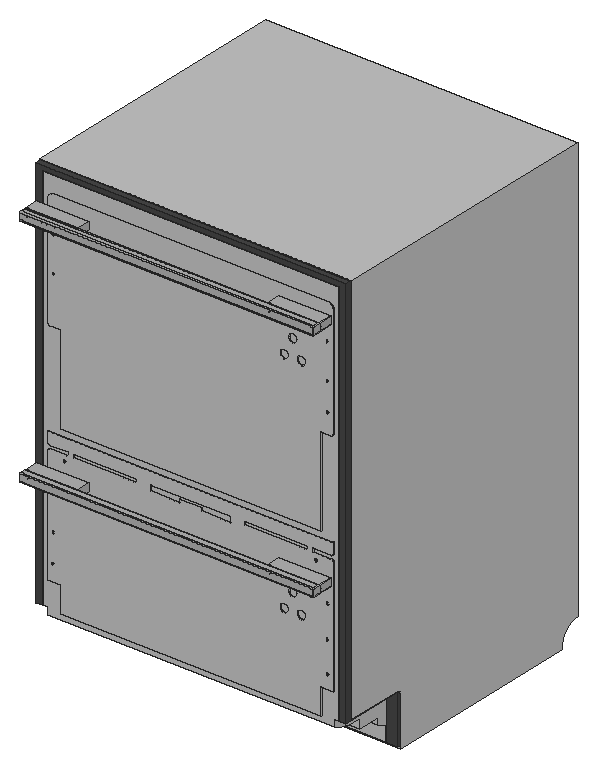
Revit family "FP-Revit20-en-DD60DTX6HI1_CN-DishDrawer-0-90003896A-CN", category Specialty Equipment, Revit 2020
Family settings
  Round Connector Dimension = Use Diameter
  Part Type = Normal
  OmniClass Number = 23.40.40.14.31
  OmniClass Title = Cleaning and Disposal Equipment
  Work Plane-Based = No
  Always vertical = Yes
  Cut with Voids When Loaded = Yes
  Shared = No
  Room Calculation Point = No
Parameters (values of type "DD60DTX6HI1_CN")
  Visibility - Toe Kick = no
  Visibility - Door Panel = no
  Visibility - Clearance Required = yes
  URL = "www.fisherpaykel.com"
  Toe Kick - Recess (40mm - 100mm) [instance] = 100 mm
  Product - Width = 599 mm  # constant formula
  Product - Height (865mm - 925mm) [instance] = 865 mm
  Product - Depth = 571 mm  # constant formula
  Panel - Depth [instance] = 18 mm
  Model = "DD60DTX6HI1_CN"
  Material - Trim = Fisher & Paykel - Black
  Material - Toe Kick = Fisher & Paykel - Stainless Steel
  Material - Front = Fisher & Paykel - Stainless Steel
  Material - Body = Fisher & Paykel - Grey
  Manufacturer = "Fisher & Paykel Appliances"
  Description = "60cm DishDrawer, Integrated"
  Default Elevation = 0 mm
  Connector Description - Water = "3/4” BSP (GB20) to suit flat washer"
  Connector Description - Sanitary = "Drain Hose, No Fitting Required"
  Connector Description - Electrical = "220-240 V, 50 Hz, min 8.5 A, fused electrical supply"
  Chassis - Height = 855 mm  # constant formula
  Chassis - Depth = 553 mm  # constant formula
  Cavity - Width = 600 mm  # constant formula
  Cavity - Depth (excluding front panel) = 560 mm  # constant formula
Reference planes
  plane 1 "Datum": y = 0
  plane 2: z = 0
  plane 3 "Center (Left/Right)": x = 0
  plane 4: z = 0
  plane 5 "Product LHS": x = -299.5
  plane 6 "Product RHS": x = 299.5
  plane 7 "Product - Depth": y = 553
  plane 8 "Cavity LHS": x = -300
  plane 9 "Cavity RHS": x = 300
  plane 10 "Cavity - Depth": y = 560
  plane 11 "Leg Height": z = 10
  plane 12 "Product - Height": z = 865
  plane 13 "Cavity - Height": z = 867
  plane 14 "Door Panel - Depth": y = -18
Forms (mm)
  Extrusion 1, solid, material "Fisher & Paykel - Grey" <- "Material - Body"
    sketch origin (0, 0, 0) x (0, 1, 0) y (0, 0, 1)
      loop
        line (12, 865) -> (12, 111.5) -> (118.15, 111.5)
        arc (118.15, 111.5) -> (125.221, 108.571) -> (128.15, 101.5) r 10
        line (128.15, 101.5) -> (128.15, 10) -> (510.35, 10) -> (510.35, 54.298) -> (553, 54.298) -> (553, 865) -> (12, 865)
    from -299.5 to 299.5
  Extrusion 2, solid, material "Fisher & Paykel - Grey" <- "Material - Body", detail levels fine
    sketch origin (0, 0, 0) x (1, 0, 0) y (0, 0, 1)
      loop
        line (-274, 811.4) -> (-274, 598.176)
        arc (-274, 598.176) -> (-272.536, 594.64) -> (-269, 593.176) r 5
        line (-269, 593.176) -> (-250, 593.176) -> (-250, 423) -> (250, 423) -> (250, 593.907) -> (269, 593.907)
        arc (269, 593.907) -> (272.536, 595.371) -> (274, 598.907) r 5
        line (274, 598.907) -> (274, 811.4)
        arc (274, 811.4) -> (271.071, 818.471) -> (264, 821.4) r 10
        line (264, 821.4) -> (-264, 821.4)
        arc (-264, 821.4) -> (-271.071, 818.471) -> (-274, 811.4) r 10
      loop
        line (-274, 411.676) -> (-274, 392.976)
        arc (-274, 392.976) -> (-272.536, 389.44) -> (-269, 387.976) r 5
        line (-269, 387.976) -> (-235, 387.976) -> (-235, 381.976) -> (-269, 381.976)
        arc (-269, 381.976) -> (-272.536, 380.512) -> (-274, 376.976) r 5
        line (-274, 376.976) -> (-274, 154.476) -> (-250, 154.476) -> (-250, 104.476) -> (250, 104.476) -> (250, 154.476) -> (274, 154.476) -> (274, 376.976)
        arc (274, 376.976) -> (272.536, 380.512) -> (269, 381.976) r 5
        line (269, 381.976) -> (235, 381.976) -> (235, 387.976) -> (269, 387.976)
        arc (269, 387.976) -> (272.536, 389.44) -> (274, 392.976) r 5
        line (274, 392.976) -> (274, 411.676) -> (-274, 411.676)
      loop
        circle (241, 369.875) r 2.5
      loop
        circle (196.5, 298.976) r 8
      loop
        circle (213, 265.976) r 8
      loop
        circle (180, 265.976) r 8
      loop
        circle (262.5, 240.976) r 2.017
      loop
        circle (263.5, 181.576) r 2.612
      loop
        circle (263.5, 303.976) r 2.718
      loop
        circle (262.5, 336.476) r 2
      loop
        circle (-241, 369.875) r 2.5
      loop
        circle (-262.5, 240.976) r 2.017
      loop
        circle (-263.5, 186.576) r 2.612
      loop
        circle (-263.5, 308.976) r 2.718
      loop
        circle (-262.5, 336.476) r 2
      loop
        circle (262.5, 780.676) r 1.941
      loop
        circle (263.5, 753.176) r 2.488
      loop
        circle (262.5, 685.907) r 2
      loop
        circle (263.5, 631.507) r 2.685
      loop
        circle (-262.5, 780.676) r 1.941
      loop
        circle (-263.5, 753.176) r 2.488
      loop
        circle (-262.5, 685.176) r 2
      loop
        line (103, 387.976) -> (103, 381.976) -> (225, 381.976) -> (225, 387.976) -> (103, 387.976)
      loop
        line (-77, 387.976) -> (-77, 376.976) -> (-21, 376.976) -> (-21, 381.976) -> (21, 381.976) -> (21, 376.976) -> (77, 376.976) -> (77, 387.976) -> (-77, 387.976)
      loop
        line (-103, 387.976) -> (-225, 387.976) -> (-225, 381.976) -> (-103, 381.976) -> (-103, 387.976)
      loop
        circle (196.5, 735.907) r 8
      loop
        circle (213, 702.907) r 8
      loop
        circle (180, 702.907) r 8
    from 0 to 0.8
  Extrusion 3, solid, material "Fisher & Paykel - Black" <- "Material - Trim"
    sketch origin (0, 0, 0) x (1, 0, 0) y (0, 0, 1)
      loop
        line (-297.5, 863.541) -> (-297.5, 107.404) -> (-283.999, 107.404) -> (-283.999, 855) -> (284, 855) -> (284, 107.404) -> (297.5, 107.404) -> (297.5, 863.541) -> (-297.5, 863.541)
    from -12 to 0
  Extrusion 4, solid, material "Fisher & Paykel - Grey" <- "Material - Body"
    sketch origin (0, -1.875, 0) x (1, 0, 0) y (0, 1, 0)
      loop
        circle (-260.6, 478.3) r 4
      loop
        circle (-260.6, 170.1) r 4
      loop
        circle (260.6, 478.3) r 4
      loop
        circle (260.6, 170.1) r 4
    from 7 to 10
  Extrusion 5, solid, material "Fisher & Paykel - Grey" <- "Material - Body"
    sketch origin (0, -1.875, 0) x (1, 0, 0) y (0, 1, 0)
      loop
        circle (-260.6, 170.1) r 17.816
      loop
        circle (-260.6, 478.3) r 17.816
      loop
        circle (260.6, 170.1) r 17.816
      loop
        circle (260.6, 478.3) r 17.816
    from 0 to 7
  Sweep 6, solid, material "Fisher & Paykel - Grey" <- "Material - Body", detail levels medium+fine
    path origin (0, 537.938, 0) x (1, 0, 0) y (0, 0, 1)
      loop
        line (-134.5, 54.298) -> (-134.5, 19.132)
        arc (-134.5, 19.132) -> (-140.358, 4.989) -> (-154.5, -0.868) r 20
        line (-154.5, -0.868) -> (-349.5, -0.868)
    profile origin (-134.5, 537.938, 36.715) x (0, -1, 0) y (1, 0, 0)
      loop
        circle (0, 0) r 9
  Sweep 7, solid, material "Fisher & Paykel - Grey" <- "Material - Body", detail levels medium+fine
    path origin (0, 537.938, 0) x (1, 0, 0) y (0, 0, 1)
      loop
        line (-189.5, 54.298) -> (-189.5, 38.507)
        arc (-189.5, 38.507) -> (-195.358, 24.364) -> (-209.5, 18.507) r 20
        line (-209.5, 18.507) -> (-349.5, 18.507)
    profile origin (-189.5, 537.938, 46.402) x (0, -1, 0) y (1, 0, 0)
      loop
        circle (0, 0) r 9
  Sweep 8, solid, material "Fisher & Paykel - Grey" <- "Material - Body", detail levels medium+fine
    path origin (0, 0, 0) x (1, 0, 0) y (0, 0, 1)
      loop
        line (-349.186, 18.851) -> (-218.186, 18.851)
        arc (-218.186, 18.851) -> (-204.044, 24.709) -> (-198.186, 38.851) r 20
        line (-198.186, 38.851) -> (-198.186, 54.298)
    profile origin (-198.186, 0, 46.575) x (-1, 0, 0) y (0, -1, 0)
      loop
        circle (0, -524.105) r 5
  Extrusion 9, solid, material "Fisher & Paykel - Clearance Required", visible <- "Visibility - Clearance Required", detail levels coarse
    sketch origin (0, 0, 0) x (0, 1, 0) y (0, 0, 1)
      loop
        line (-18, 0) -> (-18, 414.976) -> (-545, 414.976) -> (-545, 345.976) -> (-586, 345.976) -> (-586, 329.973) -> (-545, 329.973) -> (-545, 0) -> (-18, 0)
      loop
        line (-18, 423) -> (-18, 865) -> (-545, 865) -> (-545, 796) -> (-586, 796) -> (-586, 779.997) -> (-545, 779.997) -> (-545, 423) -> (-18, 423)
    from -300 to 300
  Extrusion 10, solid, material "Fisher & Paykel - Clearance Required", visible <- "Visibility - Clearance Required", detail levels coarse
    sketch origin (0, 0, 0) x (1, 0, 0) y (0, 1, 0)
      loop
        line (300, 560) -> (-300, 560) -> (-300, -18) -> (300, -18) -> (300, 560)
    from 0 to 867
  Extrusion 11, void
    sketch origin (0, 0, 0) x (1, 0, 0) y (0, 1, 0)
      loop
        line (-300, -18) -> (300, -18) -> (300, 560) -> (-300, 560) -> (-300, -18)
    from 0 to 867
  Extrusion 12, solid, material "Fisher & Paykel - Grey" <- "Material - Body"
    sketch origin (0, 0, 0) x (1, 0, 0) y (0, 0, 1)
      loop
        line (-283.999, 855) -> (-283.999, 107.404) -> (284, 107.404) -> (284, 855) -> (-283.999, 855)
    from -12 to 0
  Extrusion 13, solid, material "Fisher & Paykel - Grey" <- "Material - Body"
    sketch origin (0, 0, 0) x (0, 1, 0) y (0, 0, 1)
      loop
        line (124.15, 15.492) -> (124.15, 107.404) -> (0, 107.404) -> (0, 94.265)
        arc (0, 94.265) -> (17.333, 86.771) -> (35.586, 81.932) r 126.919
        line (35.586, 81.932) -> (61.053, 81.932) -> (61.053, 64.582) -> (103.548, 64.582) -> (103.548, 53.084) -> (122.346, 42.363) -> (122.346, 15.492) -> (124.15, 15.492)
    from -275 to 275
  Extrusion 14, solid, material "Fisher & Paykel - Grey" <- "Material - Body", detail levels fine
    sketch origin (0, 0, 0) x (0, 1, 0) y (0, 0, 1)
      loop
        arc (545.956, 44.845) -> (549.529, 46.356) -> (550.933, 49.972) r 4.979
        line (550.933, 49.972) -> (550.933, 54.298) -> (510.35, 54.298) -> (510.35, 26.689) -> (530.184, 44.845) -> (545.956, 44.845)
    from -229.8 to -91.607
  Sweep 15, solid, material "Fisher & Paykel - Grey" <- "Material - Body", detail levels medium+fine
    path origin (0, 0, 0) x (1, 0, 0) y (0, 1, 0)
      loop
        line (-47.875, 510.35) -> (-47.875, 529.222)
        arc (-47.875, 529.222) -> (-52.269, 539.828) -> (-62.875, 544.222) r 15
        line (-62.875, 544.222) -> (-349.5, 544.222)
    profile origin (-47.875, 519.786, 0) x (-1, 0, 0) y (0, 0, 1)
      loop
        circle (0, 34.3) r 5
  Extrusion 16, solid, material "Fisher & Paykel - Black" <- "Material - Trim", detail levels fine
    sketch origin (0, 0, 0) x (0, 1, 0) y (0, 0, 1)
      loop
        line (128.15, 13.091) -> (128.15, 101.5)
        arc (128.15, 101.5) -> (125.221, 108.571) -> (118.15, 111.5) r 10
        line (118.15, 111.5) -> (12, 111.5) -> (12, 107.404) -> (124.15, 107.404) -> (124.15, 13.091) -> (128.15, 13.091)
    from -297.5 to 297.5
  Extrusion 17, solid, material "Fisher & Paykel - Grey" <- "Material - Body"
    sketch origin (0, 0, 0) x (0, 1, 0) y (0, 0, 1)
      loop
        line (510.35, 54.298) -> (510.35, 10) -> (514.35, 10)
        arc (514.35, 10) -> (525.48, 38.009) -> (553, 50.298) r 40
        line (553, 50.298) -> (553, 54.298) -> (510.35, 54.298)
    from 288.5 to 299.5
  Extrusion 18, solid, material "Fisher & Paykel - Grey" <- "Material - Body"
    sketch origin (0, 0, 0) x (0, 1, 0) y (0, 0, -1)
      loop
        line (510.35, -54.298) -> (553, -54.298) -> (553, -50.298)
        arc (553, -50.298) -> (525.48, -38.009) -> (514.35, -10) r 40
        line (514.35, -10) -> (510.35, -10) -> (510.35, -54.298)
    from 288.5 to 299.5
  Extrusion 19, solid, material "Fisher & Paykel - Stainless Steel" <- "Material - Front", visible <- "Visibility - Door Panel", detail levels fine
    sketch origin (0, 0, 0) x (1, 0, 0) y (0, 0, 1)
      loop
        line (-298, 855) -> (-298, 413) -> (298, 413) -> (298, 855) -> (-298, 855)
      loop
        line (-298, 404.976) -> (-298, 93.976) -> (298, 93.976) -> (298, 404.976) -> (-298, 404.976)
    from 0.8 to 18
  Extrusion 20, solid, material "Fisher & Paykel - Grey", visible <- "Visibility - Toe Kick"
    sketch origin (0, 0, 0) x (0, 1, 0) y (0, 0, 1)
      loop
        line (100, 12) -> (100, 81.932) -> (82, 81.932) -> (82, 12) -> (100, 12)
    from -297.5 to 297.5
Cuts and joins
  joined: Extrusion 1, Extrusion 17, Extrusion 18
  joined: Extrusion 12, Extrusion 13
Text (mm)
  text "Due to ongoing product development, product details are subject to change without notice. \nPlease always refer to www.fisherpaykel.com for the most current product information. \n© Fisher & Paykel 2020" at (41.04, -690.05, 0), in view "Ref. Level (Plan)"
Dimensions and locks
  equal spacing: plane 5 "Product LHS", plane 3 "Center (Left/Right)", plane 6 "Product RHS"
  "Product - Width": plane 5 "Product LHS" to plane 6 "Product RHS"
  "Chassis - Depth": plane 1 "Datum" to plane 7 "Product - Depth"
  equal spacing: plane 8 "Cavity LHS", plane 3 "Center (Left/Right)", plane 9 "Cavity RHS"
  "Cavity - Width": plane 8 "Cavity LHS" to plane 9 "Cavity RHS"
  Extrusion 1 sketch curve to Extrusion 1 sketch curve = 855 mm
  Extrusion 2 sketch curve to plane 11 "Leg Height" = 401.676 mm
  "Chassis - Height": plane 12 "Product - Height" to plane 11 "Leg Height"
  Extrusion 2 sketch curve to plane 11 "Leg Height" = 583.176 mm
  locked: plane 12 "Product - Height" to Extrusion 2 sketch curve at 43.6
  "Product - Height (865mm - 925mm)": plane 12 "Product - Height" to level
  plane 12 "Product - Height" to Extrusion 2 = 43.6 mm
  Extrusion 2 to plane 11 "Leg Height" = 401.676 mm
  Extrusion 2 to plane 11 "Leg Height" = 413 mm
  locked: plane 13 "Cavity - Height" to plane 12 "Product - Height" at 2
  "Panel - Depth": plane 14 "Door Panel - Depth" to plane 1 "Datum"
  plane 14 "Door Panel - Depth" to plane 7 "Product - Depth" = 571 mm
  locked: plane 11 "Leg Height" to Sweep 15 sketch curve at 24.3
  equal spacing: Extrusion 19 sketch curve, plane 3 "Center (Left/Right)", Extrusion 19 sketch curve
  locked: Extrusion 19 sketch curve to Extrusion 19 sketch curve at 442
  locked: Extrusion 19 sketch curve to Extrusion 19 sketch curve at 311
  locked: Extrusion 19 sketch curve to Extrusion 19 sketch curve at 8.024
  locked: Extrusion 19 sketch curve to Extrusion 19 sketch curve at 596
  plane 12 "Product - Height" to Extrusion 19 sketch curve = 10 mm
  locked: plane 11 "Leg Height" to cut or joined group of Extrusion 12, Extrusion 13 at 71.932
  locked: Extrusion 9 to Extrusion 20 sketch curve at 12
  "Panel - Depth": Extrusion 20 to Extrusion 20
  "Toe Kick - Recess (40mm - 100mm)": plane 14 "Door Panel - Depth" to Extrusion 20
  "Cavity - Depth (excluding front panel)": plane 1 "Datum" to plane 10 "Cavity - Depth"
  nested 2 to Extrusion 11 = 345.652 mm
  nested 2 to Extrusion 11 = 361 mm
  nested 1 to Extrusion 11 = 811 mm
  aligned and locked: level to plane 2
  aligned and locked: Extrusion 1 sketch curve to plane 11 "Leg Height"
  aligned and locked: Extrusion 4 to Extrusion 5
  aligned and locked: plane 12 "Product - Height" to Extrusion 1
  aligned and locked: Extrusion 9 to plane 9 "Cavity RHS"
  aligned and locked: plane 8 "Cavity LHS" to Extrusion 9
  aligned and locked: Extrusion 10 sketch curve to plane 8 "Cavity LHS"
  aligned and locked: Extrusion 10 sketch curve to plane 9 "Cavity RHS"
  aligned and locked: plane 10 "Cavity - Depth" to Extrusion 10 sketch curve
  aligned and locked: Extrusion 4 to Extrusion 1
  aligned and locked: plane 13 "Cavity - Height" to Extrusion 11
  aligned and locked: Extrusion 9 to level
  aligned and locked: Extrusion 14 to Extrusion 1
  aligned and locked: Extrusion 17 sketch curve to Extrusion 1
  aligned and locked: cut or joined group of Extrusion 1, Extrusion 17, Extrusion 18 to Sweep 6 sketch curve
  aligned and locked: cut or joined group of Extrusion 1, Extrusion 17, Extrusion 18 to Sweep 7 sketch curve
  aligned and locked: Sweep 7 to Sweep 8 sketch curve
  aligned and locked: Extrusion 19 sketch curve to Extrusion 19 sketch curve  (x2)
  aligned and locked: Extrusion 19 to Extrusion 9
  aligned and locked: Extrusion 11 to Extrusion 19
  aligned and locked: Extrusion 9 to Extrusion 2
  aligned and locked: Extrusion 10 to Extrusion 9
  aligned and locked: Extrusion 11 to Extrusion 9
  aligned and locked: plane 14 "Door Panel - Depth" to Extrusion 19
  aligned and locked: plane 12 "Product - Height" to Extrusion 9
  aligned and locked: Extrusion 10 to Extrusion 11
  aligned and locked: plane 14 "Door Panel - Depth" to nested 2
  aligned and locked: plane 14 "Door Panel - Depth" to nested 1
  aligned and locked: plane 3 "Center (Left/Right)" to nested 2
  aligned and locked: plane 3 "Center (Left/Right)" to nested 1
Automatic sketch dimensions
  Extrusion 1 sketch curve to plane 7 "Product - Depth" = 0 mm
  Extrusion 1 sketch curve to plane 7 "Product - Depth" = 42.65 mm
  Extrusion 1 sketch curve to plane 1 "Datum" = 128.15 mm
  Extrusion 1 sketch curve to Extrusion 1 sketch curve = 10 mm
  Extrusion 1 sketch curve to plane 1 "Datum" = 12 mm
  Extrusion 1 sketch curve to plane 11 "Leg Height" = 44.298 mm
  Extrusion 1 sketch curve to plane 11 "Leg Height" = 91.5 mm
  Extrusion 2 sketch curve to plane 5 "Product LHS" = 25.5 mm  (x3)
  Extrusion 2 sketch curve to Extrusion 2 sketch curve = 5 mm  (x7)
  Extrusion 2 sketch curve to Extrusion 2 sketch curve = 10 mm  (x3)
  Extrusion 2 sketch curve to plane 5 "Product LHS" = 36 mm  (x2)
  Extrusion 2 sketch curve to Extrusion 2 sketch curve = 10.5 mm
  Extrusion 2 sketch curve to Extrusion 2 sketch curve = 1 mm  (x4)
  Extrusion 2 sketch curve to plane 5 "Product LHS" = 37 mm  (x2)
  Extrusion 2 sketch curve to Extrusion 2 sketch curve = 24 mm  (x2)
  Extrusion 2 sketch curve to plane 5 "Product LHS" = 49.5 mm
  Extrusion 2 sketch curve to Extrusion 2 sketch curve = 28 mm
  Extrusion 2 sketch curve to Extrusion 2 sketch curve = 6 mm  (x7)
  Extrusion 2 sketch curve to plane 3 "Center (Left/Right)" = 103 mm
  Extrusion 2 sketch curve to Extrusion 2 sketch curve = 26 mm  (x2)
  Extrusion 2 sketch curve to plane 3 "Center (Left/Right)" = 21 mm
  plane 3 "Center (Left/Right)" to Extrusion 2 sketch curve = 21 mm
  Extrusion 2 sketch curve to Extrusion 2 sketch curve = 56 mm
  plane 6 "Product RHS" to Extrusion 2 sketch curve = 119.5 mm  (x2)
  Extrusion 2 sketch curve to Extrusion 2 sketch curve = 16.5 mm  (x2)
  Extrusion 2 sketch curve to Extrusion 2 sketch curve = 33 mm  (x4)
  plane 6 "Product RHS" to Extrusion 2 sketch curve = 74.5 mm
  plane 6 "Product RHS" to Extrusion 2 sketch curve = 49.5 mm  (x2)
  plane 6 "Product RHS" to Extrusion 2 sketch curve = 37 mm  (x4)
  Extrusion 2 sketch curve to Extrusion 2 sketch curve = 13.5 mm
  plane 6 "Product RHS" to Extrusion 2 sketch curve = 36 mm
  Extrusion 2 sketch curve to Extrusion 2 sketch curve = 1.5 mm
  plane 6 "Product RHS" to Extrusion 2 sketch curve = 30.5 mm
  Extrusion 2 sketch curve to Extrusion 2 sketch curve = 19 mm
  Extrusion 2 sketch curve to Extrusion 2 sketch curve = 0 mm  (x6)
  Extrusion 2 sketch curve to Extrusion 2 sketch curve = 18.7 mm  (x2)
  Extrusion 2 sketch curve to Extrusion 2 sketch curve = 11 mm
  Extrusion 2 sketch curve to Extrusion 2 sketch curve = 12.101 mm  (x2)
  Extrusion 2 sketch curve to Extrusion 2 sketch curve = 33.399 mm  (x2)
  Extrusion 2 sketch curve to Extrusion 2 sketch curve = 27.5 mm  (x3)
  Extrusion 2 sketch curve to Extrusion 2 sketch curve = 32.5 mm
  Extrusion 2 sketch curve to Extrusion 2 sketch curve = 68 mm
  Extrusion 2 sketch curve to Extrusion 2 sketch curve = 25 mm
  Extrusion 2 sketch curve to Extrusion 2 sketch curve = 54.4 mm  (x2)
  Extrusion 2 sketch curve to Extrusion 2 sketch curve = 59.4 mm
  Extrusion 2 sketch curve to Extrusion 2 sketch curve = 27.1 mm
  Extrusion 2 sketch curve to Extrusion 2 sketch curve = 32.1 mm
  Extrusion 2 sketch curve to Extrusion 2 sketch curve = 50 mm
  Extrusion 2 sketch curve to Extrusion 2 sketch curve = 11.324 mm
  Extrusion 2 sketch curve to Extrusion 2 sketch curve = 170.907 mm
  Extrusion 2 sketch curve to Extrusion 2 sketch curve = 32.6 mm
  Extrusion 2 sketch curve to Extrusion 2 sketch curve = 87 mm
  Extrusion 2 sketch curve to Extrusion 2 sketch curve = 17 mm
  Extrusion 2 sketch curve to Extrusion 2 sketch curve = 58.224 mm  (x2)
  Extrusion 3 sketch curve to plane 5 "Product LHS" = 2 mm
  Extrusion 3 sketch curve to plane 5 "Product LHS" = 15.501 mm
  plane 6 "Product RHS" to Extrusion 3 sketch curve = 15.5 mm
  plane 6 "Product RHS" to Extrusion 3 sketch curve = 2 mm
  Extrusion 3 sketch curve to plane 11 "Leg Height" = 97.404 mm  (x2)
  Extrusion 3 sketch curve to plane 12 "Product - Height" = 10 mm
  Extrusion 3 sketch curve to plane 12 "Product - Height" = 1.459 mm
  Extrusion 4 sketch curve to plane 5 "Product LHS" = 38.9 mm  (x2)
  plane 6 "Product RHS" to Extrusion 4 sketch curve = 38.9 mm  (x2)
  Extrusion 4 sketch curve to plane 1 "Datum" = 168.225 mm  (x2)
  Extrusion 4 sketch curve to plane 7 "Product - Depth" = 76.575 mm  (x2)
  Extrusion 5 sketch curve to plane 5 "Product LHS" = 38.9 mm  (x2)
  plane 6 "Product RHS" to Extrusion 5 sketch curve = 38.9 mm  (x2)
  Extrusion 5 sketch curve to plane 1 "Datum" = 168.225 mm  (x2)
  Extrusion 5 sketch curve to plane 7 "Product - Depth" = 76.575 mm  (x2)
  Sweep 6 sketch curve to profile plane = 0 mm
  profile plane to Sweep 6 sketch curve = 0 mm
  Sweep 7 sketch curve to profile plane = 0 mm
  profile plane to Sweep 7 sketch curve = 0 mm
  Sweep 8 sketch curve to profile plane = 0 mm
  Sweep 8 sketch curve to plane 1 "Datum" = 524.105 mm
  Extrusion 11 sketch curve to plane 8 "Cavity LHS" = 0 mm
  Extrusion 11 sketch curve to plane 9 "Cavity RHS" = 0 mm
  Extrusion 11 sketch curve to plane 14 "Door Panel - Depth" = 0 mm
  Extrusion 11 sketch curve to plane 10 "Cavity - Depth" = 0 mm
  Extrusion 12 sketch curve to plane 5 "Product LHS" = 15.501 mm
  plane 6 "Product RHS" to Extrusion 12 sketch curve = 15.5 mm
  Extrusion 12 sketch curve to plane 11 "Leg Height" = 97.404 mm
  Extrusion 12 sketch curve to plane 12 "Product - Height" = 10 mm
  Extrusion 13 sketch curve to plane 1 "Datum" = 0 mm
  Extrusion 13 sketch curve to plane 1 "Datum" = 35.586 mm
  Extrusion 13 sketch curve to plane 1 "Datum" = 58.892 mm
  Extrusion 13 sketch curve to Extrusion 13 sketch curve = 25.467 mm
  Extrusion 13 sketch curve to Extrusion 13 sketch curve = 42.495 mm
  Extrusion 13 sketch curve to plane 11 "Leg Height" = 32.363 mm
  Extrusion 13 sketch curve to Extrusion 13 sketch curve = 18.798 mm
  Extrusion 13 sketch curve to Extrusion 13 sketch curve = 20.602 mm
  Extrusion 13 sketch curve to plane 11 "Leg Height" = 5.492 mm
  Extrusion 13 sketch curve to Extrusion 13 sketch curve = 10.721 mm
  Extrusion 13 sketch curve to Extrusion 13 sketch curve = 11.498 mm
  Extrusion 13 sketch curve to Extrusion 13 sketch curve = 17.35 mm
  Extrusion 13 sketch curve to Extrusion 13 sketch curve = 12.332 mm
  Extrusion 13 sketch curve to Extrusion 13 sketch curve = 13.139 mm
  Extrusion 14 sketch curve to plane 7 "Product - Depth" = 42.65 mm
  Extrusion 14 sketch curve to Extrusion 14 sketch curve = 19.834 mm
  Extrusion 14 sketch curve to plane 7 "Product - Depth" = 7.044 mm
  Extrusion 14 sketch curve to plane 7 "Product - Depth" = 2.067 mm
  Extrusion 14 sketch curve to plane 11 "Leg Height" = 16.689 mm
  Extrusion 14 sketch curve to Extrusion 14 sketch curve = 18.156 mm
  Extrusion 14 sketch curve to Extrusion 14 sketch curve = 4.979 mm
  Extrusion 14 sketch curve to Extrusion 14 sketch curve = 4.326 mm
  Sweep 15 sketch curve to plane 7 "Product - Depth" = 8.778 mm
  Sweep 15 sketch curve to plane 3 "Center (Left/Right)" = 62.875 mm
  Sweep 15 sketch curve to Sweep 15 sketch curve = 15 mm
  plane 8 "Cavity LHS" to Sweep 15 sketch curve = 49.5 mm
  Sweep 15 sketch curve to Sweep 15 sketch curve = 18.872 mm
  Sweep 15 sketch curve to profile plane = 0 mm
  Extrusion 16 sketch curve to plane 1 "Datum" = 12 mm
  Extrusion 16 sketch curve to Extrusion 16 sketch curve = 106.15 mm
  Extrusion 16 sketch curve to plane 11 "Leg Height" = 3.091 mm
  Extrusion 16 sketch curve to Extrusion 16 sketch curve = 6 mm
  Extrusion 16 sketch curve to Extrusion 16 sketch curve = 4 mm
  Extrusion 16 sketch curve to Extrusion 16 sketch curve = 88.409 mm
  Extrusion 16 sketch curve to Extrusion 16 sketch curve = 4.096 mm
  plane 11 "Leg Height" to Extrusion 17 sketch curve = 0 mm
  Extrusion 17 sketch curve to plane 7 "Product - Depth" = 0 mm
  Extrusion 17 sketch curve to Extrusion 17 sketch curve = 4 mm  (x2)
  Extrusion 17 sketch curve to plane 11 "Leg Height" = 0.321 mm
  plane 7 "Product - Depth" to Extrusion 17 sketch curve = 1.349 mm
  plane 11 "Leg Height" to Extrusion 18 sketch curve = 0 mm
  Extrusion 18 sketch curve to plane 7 "Product - Depth" = 0 mm
  Extrusion 18 sketch curve to plane 7 "Product - Depth" = 38.65 mm
  Extrusion 18 sketch curve to Extrusion 18 sketch curve = 42.65 mm
  Extrusion 18 sketch curve to plane 11 "Leg Height" = 0.321 mm
  plane 7 "Product - Depth" to Extrusion 18 sketch curve = 1.349 mm
  Extrusion 18 sketch curve to Extrusion 18 sketch curve = 4 mm
  plane 11 "Leg Height" to Sweep 6 sketch curve = 10.868 mm
  Sweep 6 sketch curve to plane 5 "Product LHS" = 145 mm
  Sweep 6 sketch curve to plane 11 "Leg Height" = 9.132 mm
  plane 8 "Cavity LHS" to Sweep 6 sketch curve = 49.5 mm
  Sweep 7 sketch curve to plane 11 "Leg Height" = 8.507 mm
  Sweep 7 sketch curve to plane 5 "Product LHS" = 90 mm
  plane 8 "Cavity LHS" to Sweep 7 sketch curve = 49.5 mm
  Sweep 7 sketch curve to Sweep 7 sketch curve = 15.792 mm
  Sweep 8 sketch curve to plane 11 "Leg Height" = 8.851 mm
  Sweep 8 sketch curve to plane 5 "Product LHS" = 81.314 mm
  plane 8 "Cavity LHS" to Sweep 8 sketch curve = 49.186 mm
  Sweep 8 sketch curve to Sweep 8 sketch curve = 15.447 mm
  Extrusion 10 sketch curve to plane 14 "Door Panel - Depth" = 0 mm
  Extrusion 9 sketch curve to level = 0 mm
  Extrusion 9 sketch curve to plane 12 "Product - Height" = 0 mm
  Extrusion 9 sketch curve to plane 14 "Door Panel - Depth" = 0 mm  (x2)
  plane 14 "Door Panel - Depth" to Extrusion 9 sketch curve = 527 mm
  Extrusion 9 sketch curve to Extrusion 9 sketch curve = 0 mm  (x2)
  Extrusion 9 sketch curve to Extrusion 9 sketch curve = 41 mm  (x3)
  Extrusion 9 sketch curve to plane 11 "Leg Height" = 319.973 mm
  Extrusion 9 sketch curve to Extrusion 9 sketch curve = 16.003 mm  (x2)
  Extrusion 9 sketch curve to Extrusion 9 sketch curve = 69 mm
  Extrusion 9 sketch curve to Extrusion 9 sketch curve = 85.003 mm
  Extrusion 20 sketch curve to plane 1 "Datum" = 82 mm
  Extrusion 20 sketch curve to Extrusion 20 sketch curve = 18 mm
  Extrusion 20 sketch curve to plane 11 "Leg Height" = 71.932 mm
  Extrusion 9 sketch curve to Extrusion 9 sketch curve = 8.024 mm
  radius of Extrusion 2 sketch curve = 2.5 mm  (x2)
  radius of Extrusion 2 sketch curve = 8 mm  (x6)
  radius of Extrusion 2 sketch curve = 2.017 mm  (x2)
  radius of Extrusion 2 sketch curve = 2.612 mm  (x2)
  radius of Extrusion 2 sketch curve = 2.718 mm  (x2)
  radius of Extrusion 2 sketch curve = 2 mm  (x4)
  radius of Extrusion 2 sketch curve = 1.941 mm  (x2)
  radius of Extrusion 2 sketch curve = 2.488 mm  (x2)
  radius of Extrusion 2 sketch curve = 2.685 mm
  radius of Extrusion 4 sketch curve = 4 mm  (x4)
  radius of Extrusion 5 sketch curve = 17.816 mm  (x4)
  radius of Sweep 6 sketch curve = 9 mm
  radius of Sweep 7 sketch curve = 9 mm
  radius of Sweep 8 sketch curve = 5 mm
  radius of Sweep 15 sketch curve = 5 mm
Nested families
  nested 1: "F&P Handle Contemporary Square - Horizontal" at (0, -18, 803.322), type "565mm"
  nested 2: "F&P Handle Contemporary Square - Horizontal" at (0, -18, 353.322), type "565mm"
Connectors
  piping at (-349.186, 524.105, 18.851), diameter 10, driven by "Connector Description - Water"
    settings: on Sweep 8, index 2, connector inside diameter 609.6 mm, connector length 0 mm, flow factor 0, pipe flow 0.0 L/s, pressure drop 0.0 Pa, fitting loss kfactor 0, connector angle 0.00°, fixture units 0, engagement length 0 mm, angle of deflection 0.00°, flow configuration 0, flow direction 1, fitting loss method 0, system type 20, joint type 0, gender type 0, connector reference index -1, connector utility 0, adjustable connector no, is connector primary yes, connector description "3/4” BSP (GB20) to suit flat washer"
  piping at (-349.5, 537.938, 18.507), diameter 15.9, driven by "Connector Description - Sanitary"
    settings: on Sweep 7, index 3, connector inside diameter 609.6 mm, connector length 0 mm, flow factor 0, pipe flow 0.0 L/s, pressure drop 0.0 Pa, fitting loss kfactor 0, connector angle 0.00°, fixture units 0, engagement length 0 mm, angle of deflection 0.00°, flow configuration 0, flow direction 2, fitting loss method 0, system type 16, joint type 0, gender type 0, connector reference index -1, connector utility 0, adjustable connector no, is connector primary no, connector description "Drain Hose, No Fitting Required"
  piping at (-349.5, 537.938, -0.868), diameter 15.9, driven by "Connector Description - Sanitary"
    settings: on Sweep 6, index 4, connector inside diameter 609.6 mm, connector length 0 mm, flow factor 0, pipe flow 0.0 L/s, pressure drop 0.0 Pa, fitting loss kfactor 0, connector angle 0.00°, fixture units 0, engagement length 0 mm, angle of deflection 0.00°, flow configuration 0, flow direction 2, fitting loss method 0, system type 16, joint type 0, gender type 0, connector reference index -1, connector utility 0, adjustable connector no, is connector primary no, connector description "Drain Hose, No Fitting Required"
  electrical at (-349.5, 544.222, 34.3), driven by "Connector Description - Electrical"
    settings: on Sweep 15, index 5, voltage 230 V, apparent load 0 VA, apparent load phase1 0 VA, apparent load phase2 0 VA, apparent load phase3 0 VA, power factor 1, load classification "Other", number of poles 1, system type 30, power factor state 1, is connector primary yes, connector utility no, sub classification motor no, connector description "220-240 V, 50 Hz, min 8.5 A, fused electrical supply"
Definition of nested family "F&P Handle Contemporary Square - Horizontal"
  Parameters (values of type "565mm")
    URL = "www.fisherpaykel.com"
    Material - Handle = none
    Manufacturer = "Fisher & Paykel Appliances"
    Handle - Standoff = 100 mm
    Handle - Length = 565 mm
    Default Elevation = 0 mm
  Reference planes
    plane 1 "Center (Front/Back)": y = 0
    plane 2: z = 0
    plane 3 "Center (Left/Right)": x = 0
    plane 4 "Product LHS": x = -282.5
    plane 5 "Product RHS": x = 282.5
    plane 6 "LHS Standoff": x = -182.5
    plane 7 "RHS Standoff": x = 182.5
  Forms (mm)
    Extrusion 1, solid, material <- "Material - Handle", detail levels fine
      sketch origin (0, 0, 0) x (0, 1, 0) y (0, 0, 1)
        loop
          arc (-27.701, 7.561) -> (-28.057, 7.868) -> (-28.514, 7.978) r 1
          line (-28.514, 7.978) -> (-39.5, 7.978)
          arc (-39.5, 7.978) -> (-40.561, 7.539) -> (-41, 6.478) r 1.5
          line (-41, 6.478) -> (-41, -6.522)
          arc (-41, -6.522) -> (-40.561, -7.583) -> (-39.5, -8.022) r 1.5
          line (-39.5, -8.022) -> (-28.487, -8.022)
          arc (-28.487, -8.022) -> (-28.029, -7.911) -> (-27.673, -7.602) r 1
          arc (-27.673, -7.602) -> (-25.256, -0.016) -> (-27.701, 7.561) r 13.038
      from -282.5 to 282.5
    Extrusion 2, solid, material <- "Material - Handle", detail levels fine
      sketch origin (0, 0, 0) x (0, 1, 0) y (0, 0, 1)
        loop
          arc (-27.23, 7.062) -> (-25.156, 0.008) -> (-27.198, -7.056) r 13.136
          arc (-27.198, -7.056) -> (-27.21, -7.463) -> (-26.86, -7.67) r 0.4
          line (-26.86, -7.67) -> (0, -7.67) -> (0, 7.678) -> (-26.893, 7.678)
          arc (-26.893, 7.678) -> (-27.244, 7.47) -> (-27.23, 7.062) r 0.4
      from 182.5 to 282.5
    Extrusion 3, solid, material <- "Material - Handle", detail levels fine
      sketch origin (0, 0, 0) x (0, 1, 0) y (0, 0, -1)
        loop
          arc (-27.23, -7.062) -> (-27.244, -7.47) -> (-26.893, -7.678) r 0.4
          line (-26.893, -7.678) -> (0, -7.678) -> (0, 7.67) -> (-26.86, 7.67)
          arc (-26.86, 7.67) -> (-27.21, 7.463) -> (-27.198, 7.056) r 0.4
          arc (-27.198, 7.056) -> (-25.156, -0.008) -> (-27.23, -7.062) r 13.136
      from 182.5 to 282.5
    Sweep 4, void
      path in 3D
        loop
          line (282.5, -28.514, 7.978) -> (282.5, -39.5, 7.978)
          arc (282.5, -39.5, 7.978) -> (282.5, -40.561, 7.539) -> (282.5, -41, 6.478) r 1.5
          line (282.5, -41, 6.478) -> (282.5, -41, -6.522)
          arc (282.5, -41, -6.522) -> (282.5, -40.561, -7.583) -> (282.5, -39.5, -8.022) r 1.5
          line (282.5, -39.5, -8.022) -> (282.5, -28.487, -8.022)
      profile origin (282.5, -34.007, 7.978) x (1, 0, 0) y (0, 0, 1)
        loop
          line (0, 0) -> (-1.3, 0) -> (0, -1.3) -> (0, 0)
    Sweep 5, void
      path in 3D
        loop
          line (-282.5, -28.487, -8.022) -> (-282.5, -39.5, -8.022)
          arc (-282.5, -39.5, -8.022) -> (-282.5, -40.561, -7.583) -> (-282.5, -41, -6.522) r 1.5
          line (-282.5, -41, -6.522) -> (-282.5, -41, 6.478)
          arc (-282.5, -41, 6.478) -> (-282.5, -40.561, 7.539) -> (-282.5, -39.5, 7.978) r 1.5
          line (-282.5, -39.5, 7.978) -> (-282.5, -28.514, 7.978)
      profile origin (-282.5, -34.007, 7.978) x (-1, 0, 0) y (0, 0, 1)
        loop
          line (0, 0) -> (-1.3, 0) -> (0, -1.3) -> (0, 0)
    Extrusion 6, void
      sketch origin (0, 0, 0) x (1, 0, 0) y (0, 0, 1)
        loop
          line (282.5, 7.978) -> (281.2, 7.978) -> (282.5, 6.678) -> (282.5, 7.978)
        loop
          line (282.5, -8.022) -> (282.5, -6.722) -> (281.2, -8.022) -> (282.5, -8.022)
      from 0 to 28.514
    Extrusion 7, void
      sketch origin (0, 0, 0) x (1, 0, 0) y (0, 0, 1)
        loop
          line (-282.5, 7.978) -> (-282.5, 6.678) -> (-281.2, 7.978) -> (-282.5, 7.978)
        loop
          line (-282.5, -8.022) -> (-281.2, -8.022) -> (-282.5, -6.722) -> (-282.5, -8.022)
      from 0 to 28.487
    Extrusion 8, solid, material <- "Material - Handle", detail levels coarse+medium
      sketch origin (0, 0, 0) x (1, 0, 0) y (0, 1, 0)
        loop
          line (-282.5, -41) -> (282.5, -41) -> (282.5, 0) -> (182.5, 0) -> (182.5, -26.156) -> (-182.5, -26.156) -> (-182.5, 0) -> (-282.5, 0) -> (-282.5, -41)
      from -8.022 to 7.978
  Cuts and joins
    Sweep 4, Sweep 5, Extrusion 6, Extrusion 7 cuts Extrusion 1
    Extrusion 6 cuts Extrusion 2
    Extrusion 7 cuts Extrusion 3
  Lines and regions (mm)
    sketch lines
      curve 1: line (282.5, -28.514, 7.978) -> (282.5, -39.5, 7.978)
      curve 2: arc (282.5, -41, 6.478) -> (282.5, -40.561, 7.539) -> (282.5, -39.5, 7.978) r 1.5
      curve 3: line (282.5, -41, 6.478) -> (282.5, -41, -6.522)
      curve 4: arc (282.5, -39.5, -8.022) -> (282.5, -40.561, -7.583) -> (282.5, -41, -6.522) r 1.5
      curve 5: line (282.5, -39.5, -8.022) -> (282.5, -28.487, -8.022)
      curve 6: line (-282.5, -39.5, 7.978) -> (-282.5, -28.514, 7.978)
      curve 7: arc (-282.5, -39.5, 7.978) -> (-282.5, -40.561, 7.539) -> (-282.5, -41, 6.478) r 1.5
      curve 8: line (-282.5, -41, -6.522) -> (-282.5, -41, 6.478)
      curve 9: arc (-282.5, -41, -6.522) -> (-282.5, -40.561, -7.583) -> (-282.5, -39.5, -8.022) r 1.5
      curve 10: line (-282.5, -28.487, -8.022) -> (-282.5, -39.5, -8.022)
  Dimensions and locks
    equal spacing: plane 4 "Product LHS", plane 3 "Center (Left/Right)", plane 5 "Product RHS"
    "Handle - Length": plane 4 "Product LHS" to plane 5 "Product RHS"
    "Handle - Standoff": plane 4 "Product LHS" to plane 6 "LHS Standoff"
    "Handle - Standoff": plane 7 "RHS Standoff" to plane 5 "Product RHS"
    Extrusion 8 to plane 1 "Center (Front/Back)" = 41 mm
    aligned and locked: level to plane 2
    aligned and locked: Extrusion 1 to plane 5 "Product RHS"
    aligned and locked: plane 4 "Product LHS" to Extrusion 1
    aligned and locked: Extrusion 2 to plane 5 "Product RHS"
    aligned and locked: plane 4 "Product LHS" to Extrusion 3
    aligned and locked: plane 4 "Product LHS" to Extrusion 8 sketch curve
    aligned and locked: Extrusion 8 sketch curve to plane 5 "Product RHS"
    aligned and locked: Extrusion 8 sketch curve to plane 7 "RHS Standoff"
    aligned and locked: plane 6 "LHS Standoff" to Extrusion 8 sketch curve
    aligned and locked: Extrusion 2 to plane 7 "RHS Standoff"
    aligned and locked: plane 6 "LHS Standoff" to Extrusion 3
  Automatic sketch dimensions
    Extrusion 1 sketch curve to level = 6.522 mm
    plane 1 "Center (Front/Back)" to Extrusion 1 sketch curve = 41 mm
    Extrusion 1 sketch curve to Extrusion 1 sketch curve = 1.5 mm  (x2)
    Extrusion 1 sketch curve to level = 0.04 mm
    Extrusion 1 sketch curve to Extrusion 1 sketch curve = 1.206 mm
    level to Extrusion 1 sketch curve = 6.978 mm
    Extrusion 1 sketch curve to Extrusion 1 sketch curve = 10.986 mm
    Extrusion 1 sketch curve to Extrusion 1 sketch curve = 11.013 mm
    Extrusion 1 sketch curve to Extrusion 1 sketch curve = 1 mm
    level to Extrusion 1 sketch curve = 6.478 mm
    Extrusion 1 sketch curve to Extrusion 1 sketch curve = 0 mm
    Extrusion 2 sketch curve to plane 1 "Center (Front/Back)" = 0 mm
    Extrusion 2 sketch curve to level = 7.67 mm
    Extrusion 2 sketch curve to Extrusion 2 sketch curve = 26.86 mm
    level to Extrusion 2 sketch curve = 7.678 mm
    Extrusion 2 sketch curve to Extrusion 2 sketch curve = 0.033 mm
    Extrusion 2 sketch curve to level = 0.022 mm
    Extrusion 2 sketch curve to Extrusion 2 sketch curve = 11.398 mm
    Extrusion 2 sketch curve to Extrusion 2 sketch curve = 0.4 mm  (x2)
    Extrusion 2 sketch curve to Extrusion 2 sketch curve = 0 mm
    Extrusion 3 sketch curve to plane 1 "Center (Front/Back)" = 0 mm
    Extrusion 3 sketch curve to level = 7.67 mm
    Extrusion 3 sketch curve to Extrusion 3 sketch curve = 26.86 mm
    level to Extrusion 3 sketch curve = 7.678 mm
    Extrusion 3 sketch curve to Extrusion 3 sketch curve = 0.033 mm
    Extrusion 3 sketch curve to level = 0.022 mm
    Extrusion 3 sketch curve to Extrusion 3 sketch curve = 11.398 mm
    Extrusion 3 sketch curve to Extrusion 3 sketch curve = 0.4 mm  (x2)
    Extrusion 3 sketch curve to Extrusion 3 sketch curve = 0 mm
    profile plane to Sweep 4 sketch curve = 0 mm
    Sweep 4 sketch curve to profile plane = 0 mm
    Sweep 4 sketch curve to profile plane = 1.3 mm
    profile plane to Sweep 4 sketch curve = 1.3 mm
    Sweep 5 sketch curve to profile plane = 0 mm  (x2)
    profile plane to Sweep 5 sketch curve = 1.3 mm
    Sweep 5 sketch curve to profile plane = 1.3 mm
    plane 5 "Product RHS" to Extrusion 6 sketch curve = 0 mm  (x2)
    Extrusion 6 sketch curve to Extrusion 6 sketch curve = 1.3 mm  (x4)
    Extrusion 6 sketch curve to level = 6.722 mm
    level to Extrusion 6 sketch curve = 6.678 mm
    plane 4 "Product LHS" to Extrusion 7 sketch curve = 0 mm  (x2)
    Extrusion 7 sketch curve to plane 4 "Product LHS" = 1.3 mm  (x2)
    Extrusion 7 sketch curve to level = 8.022 mm
    level to Extrusion 7 sketch curve = 6.678 mm
    Extrusion 7 sketch curve to Extrusion 7 sketch curve = 1.3 mm  (x2)
    plane 1 "Center (Front/Back)" to Extrusion 8 sketch curve = 0 mm  (x2)
    Extrusion 8 sketch curve to Extrusion 8 sketch curve = 26.156 mm
    Extrusion 8 sketch curve to Extrusion 8 sketch curve = 41 mm
